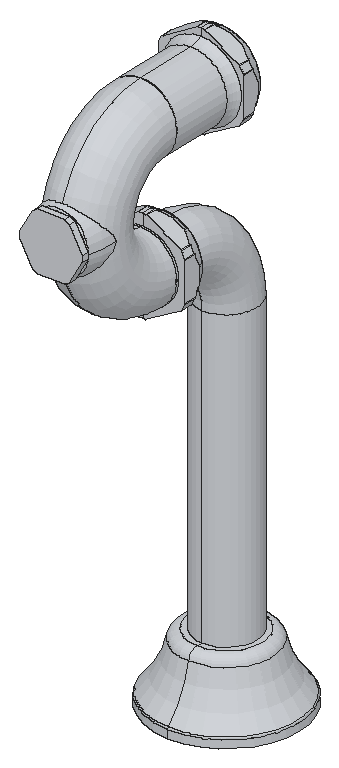
Revit family "Plumbing-Pipes-KOHLER-P_Trap-K-8998", category Plumbing Fixtures, host Face, Revit 2015
Parameters (values of type "CP-Polished Chrome")
  Width = 3"  # constant formula
  Waste Water Outlet = "Waste Water Outlet"  # constant formula
  Waste Connection = 1 = 1  # yes
  Vent Connection = 1 = 0  # no
  URL = "https://www.us.kohler.com/us/"
  Product Page URL = "http://www.us.kohler.com/us/catalog/productDetails.jsp?productNumber=8998"
  Product Name = "P-Trap"  # constant formula
  Product Documentation Link = "https://www.us.kohler.com/webassets/kpna/catalog/pdf/en/K-8998_spec.pdf"
  Pressure = 0.00 psi
  Model = "K-8998-CP"  # constant formula
  Material = "Cast Brass Construction\r"  # constant formula
  MasterFormat 2004 = "22.11.00"  # constant formula
  MasterFormat 1995 = "154300"  # constant formula
  Manufacturer Address = "444 Highland Dr, Kohler, WI 53044"  # constant formula
  Manufacturer = "KOHLER Co."  # constant formula
  Length = 11 3/4"  # constant formula
  Hot Water Inlet = "Hot Water Inlet"  # constant formula
  Height = 4 3/8"  # constant formula
  HW Connection = 1 = 0  # no
  Flow Rate = 0 GPM
  Finish = Kohler-Metal-CP-Polished_Chrome
  Environmental Product Declaration = ""
  Description = "Adjustable P-trap with tubing outlet, 1-1/4 inch x 1-1/4 inch"  # constant formula
  Default Elevation = 30"
  Declare Label = ""
  Date Modified = "01/22/2019"  # constant formula
  Date Created = "01/22/2019"  # constant formula
  Copyright = "Copyright KOHLER Co."  # constant formula
  Contact Us = "https://www.us.kohler.com/us/static/contact.jsp"
  Cold Water Inlet = "Cold Water Inlet"  # constant formula
  CW Connection = 1 = 0  # no
  Assembly Code = "C1030200"
  ADA Compliant = 1 = 0  # no
  Waste Water Inlet = "Waste Water Inlet"  # constant formula
Reference planes (in)
  plane 1 "Center (Front/Back)": y = 0
  plane 2: z = 0
  plane 3 "Center (Left/Right)": x = 0
  plane 4: x = -1.5
  plane 5: x = 1.5
  plane 6: z = 9
  plane 7: y = -4.49708
  plane 8: y = -0.12208
  plane 9: z = 11.75
Dimensions and locks (in)
  "Width": plane 4 to plane 5
  "Length": plane 9 to plane 2
  locked: plane 9 to plane 6 at 2.75
  "Height": plane 8 to plane 7
  aligned and locked: plane 2 to host face
  aligned and locked: level to host face
Automatic sketch dimensions
  host sketch curve to host sketch curve = 96"  (x2)
Nested families (in)
  nested 1: "K-8998" at (0, 0, 0), type "K-8998"
Connectors (in)
  piping at (0, -0.21896, 11.75), diameter 1.25, driven by "Waste Connection", driven by "Waste Water Inlet"
    settings: on nested 1, index 1, connector inside diameter 24", connector length 0", flow factor 0, pipe flow 0 GPM, pressure drop 0.00 psi, fitting loss kfactor 0, connector angle 0.00°, fixture units 0, engagement length 0", angle of deflection 0.00°, flow configuration 0, flow direction 1, fitting loss method 0, system type 16, joint type 0, gender type 0, connector reference index -1, connector utility 1, adjustable connector no, is connector primary yes, connector description "Waste Water Inlet"
  piping at (0, 0, 0), diameter 1.25, driven by "Waste Connection", driven by "Waste Water Outlet"
    settings: on nested 1, index 2, connector inside diameter 24", connector length 0", flow factor 0, pipe flow 0 GPM, pressure drop 0.00 psi, fitting loss kfactor 0, connector angle 0.00°, fixture units 0, engagement length 0", angle of deflection 0.00°, flow configuration 0, flow direction 2, fitting loss method 0, system type 16, joint type 0, gender type 0, connector reference index -1, connector utility 1, adjustable connector no, is connector primary no, connector description "Waste Water Outlet"
Definition of nested family "K-8998"
  Parameters (values of type "K-8998")
    Material = none
    Length = 11 3/4"
  Reference planes (in)
    plane 1 "Center (Front/Back)": y = 0
    plane 2: z = 0
    plane 3 "Center (Left/Right)": x = 0
    plane 4: x = 1.5
    plane 5: x = -1.5
    plane 6: z = 7.4375
    plane 7: z = 11.75
    plane 8: z = 9
    plane 9: z = 1.375
    plane 10: y = -0.12208
    plane 11: y = -4.49708
    plane 12: y = 1.5
    plane 13: y = -1.5
  Forms (in)
    Revolve 1, solid, material <- "Material", detail levels medium+fine
      sketch origin (0, 0, 0) x (0, 1, 0) y (0, 0, 1)
        loop
          line (0, 1.375) -> (0, 0) -> (1.5, 0) -> (1.5, 0.15847)
          arc (1.5, 0.15847) -> (1.49571, 0.18066) -> (1.48347, 0.19966) r 0.05959
          arc (1.48347, 0.19966) -> (1.15417, 0.66026) -> (0.96773, 1.1949) r 1.99233
          arc (0.96773, 1.1949) -> (0.89069, 1.32418) -> (0.74904, 1.375) r 0.22283
          line (0.74904, 1.375) -> (0, 1.375)
        axis (0, 1.375) -> (0, 0)
      angle from 0 to 360
    Sweep 2, solid, material <- "Material", detail levels medium+fine
      path origin (0, 0.00781, -0.03125) x (0, 1, 0) y (0, 0, 1)
        loop
          line (-0.00781, 1.40625) -> (-0.00781, 7.53125)
          arc (-0.00781, 7.53125) -> (-0.44715, 8.59191) -> (-1.50781, 9.03125) r 1.5
          line (-1.50781, 9.03125) -> (-1.63233, 9.03125)
      profile origin (0, 0, 1.375) x (0, -1, 0) y (1, 0, 0)
        loop
          circle (0, 0) r 0.6266
    Sweep 3, solid, material <- "Material", detail levels medium+fine
      path origin (0, -0.13672, 0) x (0, 1, 0) y (0, 0, 1)
        loop
          arc (-2.06706, 11.75) -> (-3.44206, 10.375) -> (-2.06706, 9) r 1.375
          line (-2.06706, 9) -> (-1.99438, 9)
      profile origin (0, -2.16744, 9) x (0, 0, 1) y (1, 0, 0)
        loop
          circle (0.00101, 0) r 0.73309
    Revolve 4, solid, material <- "Material", detail levels medium+fine
      sketch origin (0, 0, 0) x (0, 1, 0) y (0, 0, 1)
        loop
          line (-2.158, 9) -> (-1.598, 9) -> (-1.598, 9.74493)
          arc (-1.598, 9.74493) -> (-1.60614, 9.7753) -> (-1.62837, 9.79754) r 0.06075
          line (-1.62837, 9.79754) -> (-1.92709, 9.97) -> (-2.158, 9.97) -> (-2.158, 9)
        axis (-1.598, 9) -> (-2.158, 9)
      angle from 0 to 360
    Revolve 5, solid, material <- "Material", detail levels medium+fine
      sketch origin (0, 0, 0) x (0, 1, 0) y (0, 0, 1)
        loop
          line (-0.21896, 12.41367) -> (-0.12208, 12.41367) -> (-0.12208, 12.50923)
          arc (-0.12208, 12.50923) -> (-0.12992, 12.53851) -> (-0.15134, 12.55995) r 0.05859
          line (-0.15134, 12.55995) -> (-0.42802, 12.72) -> (-0.65896, 12.72) -> (-0.65896, 12.57095)
          arc (-0.65896, 12.57095) -> (-0.7745, 12.50505) -> (-0.90553, 12.48207) r 0.38684
          line (-0.90553, 12.48207) -> (-2.20378, 12.48207) -> (-2.20378, 11.75) -> (-0.21896, 11.75) -> (-0.21896, 12.41367)
        axis (-2.20378, 11.75) -> (-0.12208, 11.75)
      angle from 0 to 360
    Extrusion 6, void
      sketch origin (0, 0, 0.25) x (1, 0, 0) y (0, 0, 1)
        loop
          line (0.875, 8.34856) -> (0.875, 9.15144)
          arc (0.875, 9.15144) -> (0.85093, 9.24128) -> (0.78516, 9.30705) r 0.17969
          line (0.78516, 9.30705) -> (0.08984, 9.70849)
          arc (0.08984, 9.70849) -> (0, 9.73257) -> (-0.08984, 9.70849) r 0.17969
          line (-0.08984, 9.70849) -> (-0.78516, 9.30705)
          arc (-0.78516, 9.30705) -> (-0.85093, 9.24128) -> (-0.875, 9.15144) r 0.17969
          line (-0.875, 9.15144) -> (-0.875, 8.34856)
          arc (-0.875, 8.34856) -> (-0.85093, 8.25872) -> (-0.78516, 8.19295) r 0.17969
          line (-0.78516, 8.19295) -> (-0.08984, 7.79151)
          arc (-0.08984, 7.79151) -> (0, 7.76743) -> (0.08984, 7.79151) r 0.17969
          line (0.08984, 7.79151) -> (0.78516, 8.19295)
          arc (0.78516, 8.19295) -> (0.85093, 8.25872) -> (0.875, 8.34856) r 0.17969
        loop
          circle (0, 8.75) r 1.06259
      from 1.483 to 2.40094
    Extrusion 7, void
      sketch origin (0, 0, 0) x (1, 0, 0) y (0, 0, 1)
        loop
          line (0.875, 11.34856) -> (0.875, 12.15144)
          arc (0.875, 12.15144) -> (0.85093, 12.24128) -> (0.78516, 12.30705) r 0.17969
          line (0.78516, 12.30705) -> (0.08986, 12.70848)
          arc (0.08986, 12.70848) -> (0, 12.73256) -> (-0.08986, 12.70848) r 0.17972
          line (-0.08986, 12.70848) -> (-0.78516, 12.30705)
          arc (-0.78516, 12.30705) -> (-0.85093, 12.24128) -> (-0.875, 12.15144) r 0.17969
          line (-0.875, 12.15144) -> (-0.875, 11.34856)
          arc (-0.875, 11.34856) -> (-0.85093, 11.25872) -> (-0.78516, 11.19295) r 0.17969
          line (-0.78516, 11.19295) -> (-0.08984, 10.79151)
          arc (-0.08984, 10.79151) -> (0, 10.76743) -> (0.08984, 10.79151) r 0.17969
          line (0.08984, 10.79151) -> (0.78516, 11.19295)
          arc (0.78516, 11.19295) -> (0.85093, 11.25872) -> (0.875, 11.34856) r 0.17969
        loop
          circle (0, 11.75) r 1.07748
      from 0.21896 to 0.73708
    Sweep 8, solid, material <- "Material", detail levels coarse
      path origin (0, 0, 0) x (0, 1, 0) y (0, 0, 1)
        loop
          line (0, 1.375) -> (0, 7.5)
          arc (0, 7.5) -> (-0.43934, 8.56066) -> (-1.5, 9) r 1.5
          line (-1.5, 9) -> (-2.22897, 9)
          arc (-2.22897, 9) -> (-3.60397, 10.375) -> (-2.22897, 11.75) r 1.375
          line (-2.22897, 11.75) -> (-0.20685, 11.75)
      profile origin (0, 0, 4.4375) x (0, -1, 0) y (1, 0, 0)
        loop
          circle (0, 0) r 0.6266
    Extrusion 9, solid, material <- "Material", detail levels coarse
      sketch origin (0, 0, 0) x (1, 0, 0) y (0, 1, 0)
        loop
          circle (0, 0) r 1.5
      from 0 to 1.375
    Extrusion 10, solid, material <- "Material", detail levels coarse
      sketch origin (0, 0, 0) x (1, 0, 0) y (0, 0, 1)
        loop
          circle (0, 11.75) r 0.97
      from 0.12208 to 0.65896
    Extrusion 11, solid, material <- "Material", detail levels coarse
      sketch origin (0, 0, 0) x (1, 0, 0) y (0, 0, 1)
        loop
          circle (0, 9) r 0.97
      from 1.598 to 2.158
    Extrusion 12, solid, material <- "Material", detail levels coarse
      sketch origin (0, 0, 0) x (1, 0, 0) y (0, 0, 1)
        loop
          circle (0, 10.375) r 0.58488
      from 3.47227 to 4.49708
    Extrusion 13, solid, material <- "Material", detail levels medium+fine
      sketch origin (0, 0, 0) x (1, 0, 0) y (0, 1, 0)
        loop
          circle (0, 0) r 0.75
      from 0 to 0.03494
    Extrusion 14, solid, material <- "Material", detail levels medium+fine
      sketch origin (0, 0, 0.02344) x (1, 0, 0) y (0, 0, 1)
        loop
          line (0.27559, 10.94576) -> (-0.27559, 10.94576)
          arc (-0.27559, 10.94576) -> (-0.32704, 10.91908) -> (-0.37592, 10.88795) r 0.655
          line (-0.37592, 10.88795) -> (-0.65248, 10.40893)
          arc (-0.65248, 10.40893) -> (-0.655, 10.35156) -> (-0.65248, 10.2942) r 0.655
          line (-0.65248, 10.2942) -> (-0.37592, 9.81518)
          arc (-0.37592, 9.81518) -> (-0.32745, 9.78429) -> (-0.27645, 9.75776) r 0.655
          line (-0.27645, 9.75776) -> (0.27645, 9.75776)
          arc (0.27645, 9.75776) -> (0.32745, 9.78429) -> (0.37592, 9.81518) r 0.655
          line (0.37592, 9.81518) -> (0.65248, 10.2942)
          arc (0.65248, 10.2942) -> (0.655, 10.35156) -> (0.65248, 10.40893) r 0.655
          line (0.65248, 10.40893) -> (0.37592, 10.88795)
          arc (0.37592, 10.88795) -> (0.32704, 10.91908) -> (0.27559, 10.94576) r 0.655
      from 4.3763 to 4.49708
    Sweep 15, solid, material <- "Material", detail levels medium+fine
      path origin (0, 0, 0) x (1, 0, 0) y (0, 0, 1)
        loop
          circle (-0.00177, 10.37674) r 0.45075
      profile origin (-0.00177, 0, 10.82748) x (0, 0, -1) y (0, -1, 0)
        loop
          line (0, 4.40547) -> (0, 4.35108) -> (-0.14925, 4.35108)
          arc (-0.14925, 4.35108) -> (-0.16927, 4.34423) -> (-0.1809, 4.32654) r 0.03268
          arc (-0.1809, 4.32654) -> (-0.24722, 3.97863) -> (-0.26921, 3.62514) r 2.80724
          line (-0.26921, 3.62514) -> (0.04799, 3.62514) -> (0.04799, 4.40547) -> (0, 4.40547)
  Cuts and joins
    Extrusion 6 cuts Revolve 4
    joined: Revolve 1, Sweep 2, Sweep 3, Revolve 4, Extrusion 13, Extrusion 14, Sweep 15
    joined: Sweep 8, Extrusion 9, Extrusion 10, Extrusion 11, Extrusion 12
    Extrusion 7 cuts Revolve 5
  Lines and regions (in)
    Masking region 1
      outline origin (0, 0, 0) x (1, 0, 0) y (0, 1, 0)
        loop
          arc (0.73207, -1.30922) -> (0, 1.5) -> (-0.73207, -1.30922) r 1.5
          line (-0.73207, -1.30922) -> (-0.73207, -1.60035)
          arc (-0.73207, -1.60035) -> (-0.76842, -1.60189) -> (-0.79596, -1.62567) r 0.05534
          line (-0.79596, -1.62567) -> (-0.875, -1.76257) -> (-0.875, -2.158) -> (-0.73207, -2.158) -> (-0.73207, -3.55922)
          arc (-0.73207, -3.55922) -> (-0.72919, -3.63915) -> (-0.72057, -3.71865) r 1.11025
          arc (-0.72057, -3.71865) -> (-0.69512, -4.02365) -> (-0.63682, -4.32411) r 2.82452
          arc (-0.63682, -4.32411) -> (-0.62417, -4.34354) -> (-0.60225, -4.35108) r 0.03565
          line (-0.60225, -4.35108) -> (-0.45252, -4.35108) -> (-0.45252, -4.38216) -> (-0.655, -4.38216) -> (-0.655, -4.49708) -> (0.655, -4.49708) -> (0.655, -4.38216) -> (0.45252, -4.38216) -> (0.45252, -4.35108) -> (0.60225, -4.35108)
          arc (0.60225, -4.35108) -> (0.62417, -4.34354) -> (0.63682, -4.32411) r 0.03565
          arc (0.63682, -4.32411) -> (0.69512, -4.02365) -> (0.72057, -3.71865) r 2.82452
          arc (0.72057, -3.71865) -> (0.72919, -3.63915) -> (0.73207, -3.55922) r 1.11025
          line (0.73207, -3.55922) -> (0.73207, -2.158) -> (0.875, -2.158) -> (0.875, -1.76257) -> (0.79596, -1.62567)
          arc (0.79596, -1.62567) -> (0.76842, -1.60189) -> (0.73207, -1.60035) r 0.05534
          line (0.73207, -1.60035) -> (0.73207, -1.30922)
    Masking region 2
      outline origin (0, 0, 0) x (1, 0, 0) y (0, 0, 1)
        loop
          line (0.74904, 1.375) -> (0.6266, 1.375) -> (0.6266, 8.3514) -> (0.80007, 8.45156)
          arc (0.80007, 8.45156) -> (0.84004, 8.515) -> (0.875, 8.58134) r 0.97
          line (0.875, 8.58134) -> (0.875, 9.41866)
          arc (0.875, 9.41866) -> (0.84004, 9.485) -> (0.80007, 9.54844) r 0.97
          line (0.80007, 9.54844) -> (0.73309, 9.58712) -> (0.73309, 11.16288) -> (0.8002, 11.20163)
          arc (0.8002, 11.20163) -> (0.83918, 11.2655) -> (0.875, 11.33119) r 1.5361
          line (0.875, 11.33119) -> (0.875, 12.16838)
          arc (0.875, 12.16838) -> (0.84142, 12.23579) -> (0.79983, 12.29858) r 0.61304
          line (0.79983, 12.29858) -> (0.08985, 12.70849)
          arc (0.08985, 12.70849) -> (0, 12.72) -> (-0.08985, 12.70849) r 0.35636
          line (-0.08985, 12.70849) -> (-0.79983, 12.29858)
          arc (-0.79983, 12.29858) -> (-0.84142, 12.23579) -> (-0.875, 12.16838) r 0.61304
          line (-0.875, 12.16838) -> (-0.875, 11.33119)
          arc (-0.875, 11.33119) -> (-0.83918, 11.2655) -> (-0.8002, 11.20163) r 1.5361
          line (-0.8002, 11.20163) -> (-0.73309, 11.16288) -> (-0.73309, 9.58712) -> (-0.80007, 9.54844)
          arc (-0.80007, 9.54844) -> (-0.84004, 9.485) -> (-0.875, 9.41866) r 0.97
          line (-0.875, 9.41866) -> (-0.875, 8.58134)
          arc (-0.875, 8.58134) -> (-0.84004, 8.515) -> (-0.80007, 8.45156) r 0.97
          line (-0.80007, 8.45156) -> (-0.6266, 8.3514) -> (-0.6266, 1.375) -> (-0.74904, 1.375)
          arc (-0.74904, 1.375) -> (-0.89069, 1.32418) -> (-0.96773, 1.1949) r 0.22283
          arc (-0.96773, 1.1949) -> (-1.15417, 0.66026) -> (-1.48347, 0.19966) r 1.99233
          arc (-1.48347, 0.19966) -> (-1.49571, 0.18066) -> (-1.5, 0.15847) r 0.05959
          line (-1.5, 0.15847) -> (-1.5, 0) -> (1.5, 0) -> (1.5, 0.15847)
          arc (1.5, 0.15847) -> (1.49571, 0.18066) -> (1.48347, 0.19966) r 0.05959
          arc (1.48347, 0.19966) -> (1.15417, 0.66026) -> (0.96773, 1.1949) r 1.99233
          arc (0.96773, 1.1949) -> (0.89069, 1.32418) -> (0.74904, 1.375) r 0.22283
    Masking region 3
      outline origin (0, 0, 0) x (0, 1, 0) y (0, 0, 1)
        loop
          arc (-0.74904, 1.375) -> (-0.89069, 1.32418) -> (-0.96773, 1.1949) r 0.22283
          arc (-0.96773, 1.1949) -> (-1.15417, 0.66026) -> (-1.48347, 0.19966) r 1.99233
          arc (-1.48347, 0.19966) -> (-1.49571, 0.18066) -> (-1.5, 0.15847) r 0.05959
          line (-1.5, 0.15847) -> (-1.5, 0) -> (1.5, 0) -> (1.5, 0.15847)
          arc (1.5, 0.15847) -> (1.49571, 0.18066) -> (1.48347, 0.19966) r 0.05959
          arc (1.48347, 0.19966) -> (1.15417, 0.66026) -> (0.96773, 1.1949) r 1.99233
          arc (0.96773, 1.1949) -> (0.89069, 1.32418) -> (0.74904, 1.375) r 0.22283
          line (0.74904, 1.375) -> (0.6266, 1.375) -> (0.6266, 7.50276)
          arc (0.6266, 7.50276) -> (0.00454, 9.00454) -> (-1.49724, 9.6266) r 2.12384
          line (-1.49724, 9.6266) -> (-1.598, 9.6266) -> (-1.598, 9.74493)
          arc (-1.598, 9.74493) -> (-1.60614, 9.7753) -> (-1.62837, 9.79754) r 0.06075
          line (-1.62837, 9.79754) -> (-1.92709, 9.97) -> (-2.158, 9.97) -> (-2.158, 9.7341) -> (-2.20405, 9.7341)
          arc (-2.20405, 9.7341) -> (-2.84597, 10.37601) -> (-2.20405, 11.01793) r 0.64191
          line (-2.20405, 11.01793) -> (-0.90553, 11.01781)
          arc (-0.90553, 11.01781) -> (-0.7745, 10.99495) -> (-0.65896, 10.92905) r 0.38684
          line (-0.65896, 10.92905) -> (-0.65896, 10.78) -> (-0.42802, 10.78) -> (-0.15134, 10.94005)
          arc (-0.15134, 10.94005) -> (-0.12992, 10.96149) -> (-0.12208, 10.99077) r 0.05859
          line (-0.12208, 10.99077) -> (-0.12208, 12.50923)
          arc (-0.12208, 12.50923) -> (-0.12992, 12.53851) -> (-0.15134, 12.55995) r 0.05859
          line (-0.15134, 12.55995) -> (-0.42802, 12.72) -> (-0.65896, 12.72) -> (-0.65896, 12.57095)
          arc (-0.65896, 12.57095) -> (-0.7745, 12.50505) -> (-0.90553, 12.48207) r 0.38684
          line (-0.90553, 12.48207) -> (-2.20396, 12.48207)
          arc (-2.20396, 12.48207) -> (-3.4385, 12.08254) -> (-4.20485, 11.03545) r 2.10707
          arc (-4.20485, 11.03545) -> (-4.26731, 11.02271) -> (-4.32909, 11.00707) r 1.36116
          arc (-4.32909, 11.00707) -> (-4.34496, 10.9963) -> (-4.35108, 10.97812) r 0.03005
          line (-4.35108, 10.97812) -> (-4.35108, 10.82748) -> (-4.38216, 10.82748) -> (-4.38216, 10.9692) -> (-4.49708, 10.9692) -> (-4.49708, 9.7812) -> (-4.38216, 9.7812) -> (-4.38216, 9.92292) -> (-4.35108, 9.92292) -> (-4.35108, 9.77479)
          arc (-4.35108, 9.77479) -> (-4.34496, 9.75661) -> (-4.32909, 9.74584) r 0.03005
          arc (-4.32909, 9.74584) -> (-4.26781, 9.73031) -> (-4.20587, 9.71765) r 1.36116
          arc (-4.20587, 9.71765) -> (-3.43982, 8.66842) -> (-2.20396, 8.26793) r 2.10707
          line (-2.20396, 8.26793) -> (-2.158, 8.26793) -> (-2.158, 8.03) -> (-1.92709, 8.03) -> (-1.62837, 8.20246)
          arc (-1.62837, 8.20246) -> (-1.60614, 8.2247) -> (-1.598, 8.25507) r 0.06075
          line (-1.598, 8.25507) -> (-1.598, 8.3734) -> (-1.50401, 8.3734)
          arc (-1.50401, 8.3734) -> (-0.88359, 8.11641) -> (-0.6266, 7.49599) r 0.87741
          line (-0.6266, 7.49599) -> (-0.6266, 1.375) -> (-0.74904, 1.375)
    symbolic lines, detail levels medium+fine
      curve 1: arc (0.6266, 0, 0) -> (0, 0.6266, 0) -> (-0.6266, 0, 0) r 0.6266
      curve 2: line (-0.875, -0.65896, 0) -> (-0.875, -0.26389, 0)
      curve 3: line (-0.875, -0.65896, 0) -> (0.875, -0.65896, 0)
      curve 4: line (-0.875, -0.42802, 0) -> (-0.80144, -0.42802, 0)
      curve 5: line (-0.80144, -0.65896, 0) -> (-0.80144, -0.42802, 0)
      curve 6: spline (-0.80144, -0.43213, 0) -> (-0.74976, -0.38326, 0) -> (-0.69321, -0.34222, 0) -> (-0.63267, -0.30964, 0) -> (-0.56908, -0.28603, 0) -> (-0.50344, -0.27176, 0) -> (-0.43677, -0.26705, 0) -> (-0.37011, -0.27198, 0) -> (-0.3045, -0.28646, 0) -> (-0.24097, -0.31028, 0) -> (-0.18051, -0.34306, 0) -> (-0.12406, -0.38429, 0) -> (-0.0725, -0.43332, 0)
      curve 7: line (-0.0725, -0.42802, 0) -> (0.0725, -0.42802, 0)
      curve 8: spline (0.0725, -0.43327, 0) -> (0.12406, -0.38424, 0) -> (0.18052, -0.34302, 0) -> (0.24099, -0.31025, 0) -> (0.30452, -0.28644, 0) -> (0.37013, -0.27197, 0) -> (0.43679, -0.26705, 0) -> (0.50346, -0.27177, 0) -> (0.5691, -0.28605, 0) -> (0.63268, -0.30967, 0) -> (0.69322, -0.34226, 0) -> (0.74977, -0.38331, 0) -> (0.80144, -0.43218, 0)
      curve 9: line (0.80144, -0.42802, 0) -> (0.80144, -0.65896, 0)
      curve 10: line (0.80144, -0.42802, 0) -> (0.875, -0.42802, 0)
      curve 11: line (0.875, -0.26389, 0) -> (0.875, -0.65896, 0)
      curve 12: line (-0.76031, -0.12208, 0) -> (0.76031, -0.12208, 0)
      curve 13: line (-0.875, -0.26389, 0) -> (-0.80953, -0.1505, 0)
      curve 14: arc (-0.80953, -0.1505, 0) -> (-0.78873, -0.1297, 0) -> (-0.76031, -0.12208, 0) r 0.05684
      curve 15: line (-0.0725, -0.42802, 0) -> (-0.0725, -0.65896, 0)
      curve 16: line (0.0725, -0.65896, 0) -> (0.0725, -0.42802, 0)
      curve 17: line (-0.73207, -1.30922, 0) -> (-0.73207, -0.89263, 0)
      curve 18: arc (-0.73207, -0.89263, 0) -> (-0.75498, -0.76767, 0) -> (-0.82071, -0.65896, 0) r 0.35233
      curve 19: line (-0.87395, -1.92709, 0) -> (-0.80144, -1.92709, 0)
      curve 20: line (-0.80144, -2.158, 0) -> (-0.80144, -1.92709, 0)
      curve 21: spline (-0.80144, -1.93122, 0) -> (-0.79602, -1.92546, 0) -> (-0.79052, -1.9198, 0) -> (-0.78496, -1.91422, 0) -> (-0.77934, -1.90872, 0) -> (-0.77364, -1.90332, 0) -> (-0.76789, -1.89801, 0) -> (-0.76207, -1.8928, 0) -> (-0.75619, -1.88767, 0) -> (-0.75025, -1.88264, 0) -> (-0.74425, -1.87771, 0) -> (-0.73819, -1.87287, 0) -> (-0.73207, -1.86813, 0)
      curve 22: spline (0.73207, -1.86817, 0) -> (0.73819, -1.87291, 0) -> (0.74425, -1.87775, 0) -> (0.75025, -1.88269, 0) -> (0.75619, -1.88772, 0) -> (0.76207, -1.89285, 0) -> (0.76789, -1.89806, 0) -> (0.77364, -1.90337, 0) -> (0.77934, -1.90878, 0) -> (0.78496, -1.91427, 0) -> (0.79052, -1.91985, 0) -> (0.79602, -1.92552, 0) -> (0.80144, -1.93128, 0)
      curve 23: line (0.80144, -1.92709, 0) -> (0.80144, -2.158, 0)
      curve 24: line (0.80144, -1.92709, 0) -> (0.87395, -1.92709, 0)
      curve 25: arc (-0.7198, -3.72818, 0) -> (-0.00017, -4.31191, 0) -> (0.71973, -3.72851, 0) r 0.73566
      curve 26: line (-0.73207, -1.60035, 0) -> (-0.73207, -2.158, 0)
      curve 27: line (-0.37592, -4.38216, 0) -> (-0.37592, -4.49708, 0)
      curve 28: line (-0.27559, -4.49708, 0) -> (-0.27559, -4.38216, 0)
      curve 29: line (0.27559, -4.38216, 0) -> (0.27559, -4.49708, 0)
      curve 30: line (0.37592, -4.38216, 0) -> (0.37592, -4.49708, 0)
      curve 31: line (-0.45252, -4.38216, 0) -> (0.45252, -4.38216, 0)
      curve 32: line (0.45252, -4.35108, 0) -> (-0.45252, -4.35108, 0)
      curve 33: line (0.875, -0.26389, 0) -> (0.80953, -0.1505, 0)
      curve 34: arc (0.80953, -0.1505, 0) -> (0.78873, -0.1297, 0) -> (0.76031, -0.12208, 0) r 0.05684
      curve 35: line (-0.6266, 0, 0) -> (-0.6266, -0.12208, 0)
      curve 36: line (0.6266, 0, 0) -> (0.6266, -0.12208, 0)
      curve 37: arc (0.66484, -0.12208, 0) -> (0, 0.67596, 0) -> (-0.66484, -0.12208, 0) r 0.67596
      curve 38: line (0.73207, -1.30922, 0) -> (0.73207, -0.89263, 0)
      curve 39: arc (0.73207, -0.89263, 0) -> (0.75498, -0.76767, 0) -> (0.82071, -0.65896, 0) r 0.35233
      curve 40: line (0.73207, -1.60035, 0) -> (0.73207, -2.158, 0)
      curve 41: line (-0.80953, -0.1505, 0) -> (0.80953, -0.1505, 0)
      curve 42: line (-0.79596, -1.62567, 0) -> (-0.73207, -1.62567, 0)
      curve 43: line (0.79596, -1.62567, 0) -> (0.73207, -1.62567, 0)
      curve 44: line (0.78516, 0, 11.19295) -> (0.08984, 0, 10.79151)
      curve 45: line (-0.08984, 0, 10.79151) -> (-0.78516, 0, 11.19295)
      curve 46: arc (0.08984, 0, 10.79151) -> (0, 0, 10.78) -> (-0.08984, 0, 10.79151) r 0.35643
      curve 47: circle (0, 0, 11.75) r 0.66367 normal (0, -1, 0)
      curve 48: circle (0, 0, 11.75) r 0.73207 normal (0, -1, 0)
      curve 49: line (0.08984, 0, 9.95849) -> (0.78516, 0, 9.55705)
      curve 50: line (-0.78516, 0, 9.55705) -> (-0.08984, 0, 9.95849)
      curve 51: arc (0.08984, 0, 9.95849) -> (0, 0, 9.97) -> (-0.08984, 0, 9.95849) r 0.35645
      curve 52: arc (0.6266, 0, 9) -> (0, 0, 9.6266) -> (-0.6266, 0, 9) r 0.6266
      curve 53: line (0.6266, 0, 1.375) -> (-0.6266, 0, 1.375)
      curve 54: line (0, 0.6266, 1.375) -> (0, -0.6266, 1.375)
      curve 55: line (0, -1.598, 9.6266) -> (0, -1.598, 8.3734)
      curve 56: line (0, -2.158, 9.7341) -> (0, -2.158, 8.26793)
      curve 57: spline (0, -1.93349, 9.54644) -> (0, -1.88422, 9.57612) -> (0, -1.84275, 9.60865) -> (0, -1.80972, 9.64352) -> (0, -1.78567, 9.68017) -> (0, -1.77096, 9.71804) -> (0, -1.76583, 9.75653) -> (0, -1.77035, 9.79504) -> (0, -1.78446, 9.83297) -> (0, -1.80793, 9.86972) -> (0, -1.84039, 9.90471) -> (0, -1.88135, 9.93741) -> (0, -1.93015, 9.96729)
      curve 58: line (0, -2.158, 9.54644) -> (0, -1.92709, 9.54644)
      curve 59: line (0, -1.92709, 9.42085) -> (0, -1.92709, 9.54644)
      curve 60: line (0, -1.92709, 9.42085) -> (0, -2.158, 9.42085)
      curve 61: arc (0, -1.93178, 8.57915) -> (0, -1.76582, 9.00001) -> (0, -1.93184, 9.42085) r 0.61651
      curve 62: line (0, -2.158, 8.57915) -> (0, -1.92709, 8.57915)
      curve 63: line (0, -1.92709, 8.45356) -> (0, -2.158, 8.45356)
      curve 64: line (0, -1.92709, 8.45356) -> (0, -1.92709, 8.57915)
      curve 65: spline (0, -1.93009, 8.03271) -> (0, -1.8813, 8.0626) -> (0, -1.84035, 8.09529) -> (0, -1.8079, 8.13029) -> (0, -1.78444, 8.16704) -> (0, -1.77034, 8.20497) -> (0, -1.76583, 8.24348) -> (0, -1.77097, 8.28197) -> (0, -1.78569, 8.31984) -> (0, -1.80976, 8.35649) -> (0, -1.84279, 8.39135) -> (0, -1.88427, 8.42388) -> (0, -1.93355, 8.45356)
      curve 66: spline (0, -0.43439, 12.29644) -> (0, -0.38521, 12.32614) -> (0, -0.34382, 12.35868) -> (0, -0.31086, 12.39355) -> (0, -0.28686, 12.4302) -> (0, -0.27218, 12.46805) -> (0, -0.26705, 12.50653) -> (0, -0.27157, 12.54503) -> (0, -0.28565, 12.58295) -> (0, -0.30907, 12.61969) -> (0, -0.34147, 12.65469) -> (0, -0.38235, 12.68739) -> (0, -0.43106, 12.71729)
      curve 67: line (0, -0.42802, 12.17085) -> (0, -0.42802, 12.29644)
      curve 68: line (0, -0.65896, 12.29644) -> (0, -0.42802, 12.29644)
      curve 69: line (0, -0.42802, 12.17085) -> (0, -0.65896, 12.17085)
      curve 70: arc (0, -0.43269, 11.32915) -> (0, -0.26705, 11.75001) -> (0, -0.43275, 12.17085) r 0.61738
      curve 71: line (0, -0.42802, 11.20356) -> (0, -0.42802, 11.32915)
      curve 72: line (0, -0.65896, 11.32915) -> (0, -0.42802, 11.32915)
      curve 73: line (0, -0.42802, 11.20356) -> (0, -0.65896, 11.20356)
      curve 74: spline (0, -0.431, 10.78271) -> (0, -0.3823, 10.81262) -> (0, -0.34143, 10.84532) -> (0, -0.30904, 10.88032) -> (0, -0.28562, 10.91706) -> (0, -0.27156, 10.95498) -> (0, -0.26706, 10.99348) -> (0, -0.27219, 11.03196) -> (0, -0.28688, 11.06981) -> (0, -0.31089, 11.10646) -> (0, -0.34386, 11.14133) -> (0, -0.38526, 11.17386) -> (0, -0.43445, 11.20356)
      curve 75: line (0, -4.38216, 10.82748) -> (0, -4.38216, 9.92292)
      curve 76: line (0, -4.35108, 9.92292) -> (0, -4.35108, 10.82748)
      curve 77: line (0, -4.38216, 10.91138) -> (0, -4.49708, 10.91138)
      curve 78: line (0, -4.38216, 10.43237) -> (0, -4.49708, 10.43237)
      curve 79: line (0, -4.38216, 10.31763) -> (0, -4.49708, 10.31763)
      curve 80: line (0, -4.38216, 9.83862) -> (0, -4.49708, 9.83862)
      curve 81: line (0, -0.65896, 12.57095) -> (0, -0.65896, 10.92905)
      curve 82: line (0, -1.93015, 9.96729) -> (0, -2.158, 9.96729)
      curve 83: line (0, -2.158, 8.03271) -> (0, -1.93009, 8.03271)
      curve 84: line (0, -0.65896, 10.78271) -> (0, -0.431, 10.78271)
      curve 85: line (0, -0.43106, 12.71729) -> (0, -0.65896, 12.71729)
      curve 86: line (0.6266, 0, 8.3514) -> (0.6266, 0, 9)
      curve 87: line (-0.6266, 0, 8.3514) -> (-0.6266, 0, 9)
      curve 88: arc (0.6266, 0, 8.74461) -> (0, 0, 9.67665) -> (-0.6266, 0, 8.74461) r 0.67665
      curve 89: line (0, -4.20418, 11.03692) -> (0, -3.80147, 10.6342)
      curve 90: line (0, -4.20541, 9.71682) -> (0, -3.85186, 10.07037)
      curve 91: line (1.48347, 0, 0.19966) -> (-1.48347, 0, 0.19966)
      curve 92: line (0, 1.48347, 0.19966) -> (0, -1.48347, 0.19966)
      curve 93: arc (0.73207, -1.12295, 0) -> (0, 1.3405, 0) -> (-0.73207, -1.12295, 0) r 1.3405
  Dimensions and locks (in)
    "Length": plane 7 to plane 2
    locked: plane 8 to plane 7 at 2.75
    aligned and locked: plane 2 to level
    aligned and locked: Revolve 5 sketch curve to plane 7
    aligned and locked: cut or joined group of Revolve 1, Sweep 2, Sweep 3, Revolve 4, Extrusion 6, Extrusion 13, Extrusion 14, Sweep 15 to cut or joined group of Revolve 1, Sweep 2, Sweep 3, Revolve 4, Extrusion 6, Extrusion 13, Extrusion 14, Sweep 15
    aligned and locked: Sweep 15 to Sweep 15
    aligned and locked: plane 8 to Revolve 4 sketch curve
    aligned and locked: Sweep 2 sketch curve to plane 8
    aligned and locked: Revolve 1 sketch curve to plane 9
    aligned and locked: plane 9 to Sweep 2 sketch curve
    aligned and locked: cut or joined group of Revolve 1, Sweep 2, Sweep 3, Revolve 4, Extrusion 6, Extrusion 13, Extrusion 14, Sweep 15 to Masking region 2 sketch curve  (x3)
    aligned and locked: Masking region 2 sketch curve to cut or joined group of Revolve 5, Extrusion 7  (x5)
    aligned and locked: cut or joined group of Revolve 5, Extrusion 7 to Masking region 2 sketch curve
    aligned and locked: Masking region 2 sketch curve to cut or joined group of Revolve 1, Sweep 2, Sweep 3, Revolve 4, Extrusion 6, Extrusion 13, Extrusion 14, Sweep 15  (x4)
    aligned and locked: curve 44 to cut or joined group of Revolve 5, Extrusion 7
    aligned and locked: curve 45 to cut or joined group of Revolve 5, Extrusion 7
    aligned and locked: curve 49 to cut or joined group of Revolve 1, Sweep 2, Sweep 3, Revolve 4, Extrusion 6, Extrusion 13, Extrusion 14, Sweep 15
    aligned and locked: curve 50 to cut or joined group of Revolve 1, Sweep 2, Sweep 3, Revolve 4, Extrusion 6, Extrusion 13, Extrusion 14, Sweep 15
    aligned and locked: Masking region 3 sketch curve to plane 9
    aligned and locked: Masking region 3 sketch curve to cut or joined group of Revolve 1, Sweep 2, Sweep 3, Revolve 4, Extrusion 6, Extrusion 13, Extrusion 14, Sweep 15
  Automatic sketch dimensions
    Revolve 1 sketch curve to plane 1 "Center (Front/Back)" = 0"  (x2)
    Revolve 1 sketch curve to level = 0"  (x2)
    Revolve 1 sketch curve to Revolve 1 sketch curve = 0.74904"
    level to Revolve 1 sketch curve = 0.15847"
    Revolve 1 sketch curve to Revolve 1 sketch curve = 0.69137"
    Revolve 1 sketch curve to Revolve 1 sketch curve = 0.05959"
    Revolve 1 sketch curve to plane 9 = 0.20193"
    Revolve 1 sketch curve to Revolve 1 sketch curve = 1.42309"
    Revolve 1 sketch curve to Revolve 1 sketch curve = 0.22283"
    Revolve 1 sketch curve to Revolve 1 sketch curve = 0"
    Revolve 1 sketch curve to Revolve 1 sketch curve = 0.13482"
    Sweep 2 sketch curve to plane 1 "Center (Front/Back)" = 0"
    plane 1 "Center (Front/Back)" to Sweep 2 sketch curve = 1 1/2"
    Sweep 2 sketch curve to Sweep 2 sketch curve = 0.12451"
    Sweep 2 sketch curve to plane 3 "Center (Left/Right)" = 0"
    Sweep 2 sketch curve to profile plane = 0"
    plane 7 to Sweep 3 sketch curve = 0"
    Sweep 3 sketch curve to plane 8 = 0"
    plane 1 "Center (Front/Back)" to Sweep 3 sketch curve = 2.20378"
    Sweep 3 sketch curve to Sweep 3 sketch curve = 0.07268"
    Sweep 3 sketch curve to plane 3 "Center (Left/Right)" = 0"
    Sweep 3 sketch curve to profile plane = 0.00101"
    Revolve 4 sketch curve to plane 8 = 0"
    plane 8 to Revolve 4 sketch curve = 0.97"
    plane 1 "Center (Front/Back)" to Revolve 4 sketch curve = 2.158"
    Revolve 4 sketch curve to Revolve 4 sketch curve = 0.23091"
    Revolve 4 sketch curve to Revolve 4 sketch curve = 0.26834"
    plane 8 to Revolve 4 sketch curve = 0.79754"
    Revolve 4 sketch curve to Revolve 4 sketch curve = 0.03037"
    Revolve 4 sketch curve to Revolve 4 sketch curve = 0.56"
    Revolve 4 sketch curve to Revolve 4 sketch curve = 0.17494"
    Revolve 4 sketch curve to Revolve 4 sketch curve = 0"
    plane 7 to Revolve 5 sketch curve = 0"
    Revolve 5 sketch curve to plane 7 = 0.73207"
    plane 1 "Center (Front/Back)" to Revolve 5 sketch curve = 2.20378"
    plane 1 "Center (Front/Back)" to Revolve 5 sketch curve = 0.90553"
    Revolve 5 sketch curve to Revolve 5 sketch curve = 0.24657"
    Revolve 5 sketch curve to Revolve 5 sketch curve = 0.23094"
    plane 1 "Center (Front/Back)" to Revolve 5 sketch curve = 0.21896"
    Revolve 5 sketch curve to Revolve 5 sketch curve = 0.03828"
    Revolve 5 sketch curve to Revolve 5 sketch curve = 0.02934"
    Revolve 5 sketch curve to Revolve 5 sketch curve = 0.09687"
    Revolve 5 sketch curve to Revolve 5 sketch curve = 0.66367"
    Revolve 5 sketch curve to Revolve 5 sketch curve = 0.09556"
    Revolve 5 sketch curve to Revolve 5 sketch curve = 0.08888"
    Revolve 5 sketch curve to Revolve 5 sketch curve = 0.14905"
    Revolve 5 sketch curve to Revolve 5 sketch curve = 0.14903"
    Revolve 5 sketch curve to Revolve 5 sketch curve = 0"
    Revolve 5 sketch curve to Revolve 5 sketch curve = 0.12"
    Revolve 5 sketch curve to Revolve 5 sketch curve = 0.06114"
    Extrusion 6 sketch curve to plane 3 "Center (Left/Right)" = 0"  (x3)
    Extrusion 6 sketch curve to plane 8 = 0"
    Extrusion 6 sketch curve to plane 3 "Center (Left/Right)" = 23/256"  (x2)
    Extrusion 6 sketch curve to plane 3 "Center (Left/Right)" = 89/128"  (x2)
    Extrusion 6 sketch curve to Extrusion 6 sketch curve = 23/256"  (x6)
    plane 3 "Center (Left/Right)" to Extrusion 6 sketch curve = 23/256"  (x2)
    plane 3 "Center (Left/Right)" to Extrusion 6 sketch curve = 89/128"  (x2)
    Extrusion 6 sketch curve to plane 8 = 0.40144"  (x2)
    Extrusion 6 sketch curve to Extrusion 6 sketch curve = 0.40144"  (x2)
    Extrusion 6 sketch curve to Extrusion 6 sketch curve = 0.15561"  (x2)
    plane 8 to Extrusion 6 sketch curve = 0.40144"  (x2)
    Extrusion 7 sketch curve to plane 3 "Center (Left/Right)" = 0"  (x3)
    Extrusion 7 sketch curve to plane 7 = 0"
    Extrusion 7 sketch curve to plane 3 "Center (Left/Right)" = 23/256"  (x2)
    Extrusion 7 sketch curve to plane 3 "Center (Left/Right)" = 89/128"  (x2)
    Extrusion 7 sketch curve to Extrusion 7 sketch curve = 23/256"  (x6)
    plane 3 "Center (Left/Right)" to Extrusion 7 sketch curve = 23/256"  (x2)
    plane 3 "Center (Left/Right)" to Extrusion 7 sketch curve = 89/128"  (x2)
    plane 7 to Extrusion 7 sketch curve = 0.40144"  (x2)
    Extrusion 7 sketch curve to Extrusion 7 sketch curve = 0.40144"
    Extrusion 7 sketch curve to Extrusion 7 sketch curve = 0.15561"
    Extrusion 7 sketch curve to plane 7 = 0.40144"  (x2)
    Extrusion 7 sketch curve to Extrusion 7 sketch curve = 0.80284"
    Extrusion 7 sketch curve to Extrusion 7 sketch curve = 0.15565"
    Sweep 8 sketch curve to plane 8 = 0"
    plane 7 to Sweep 8 sketch curve = 0"
    Sweep 8 sketch curve to plane 1 "Center (Front/Back)" = 0"
    plane 9 to Sweep 8 sketch curve = 0"
    plane 1 "Center (Front/Back)" to Sweep 8 sketch curve = 1 1/2"
    Sweep 8 sketch curve to Sweep 8 sketch curve = 0.72897"
    plane 1 "Center (Front/Back)" to Sweep 8 sketch curve = 0.20685"
    Sweep 8 sketch curve to plane 3 "Center (Left/Right)" = 0"
    Sweep 8 sketch curve to profile plane = 0"
    plane 1 "Center (Front/Back)" to Extrusion 9 sketch curve = 0"
    Extrusion 9 sketch curve to plane 3 "Center (Left/Right)" = 0"
    Extrusion 10 sketch curve to plane 3 "Center (Left/Right)" = 0"
    Extrusion 10 sketch curve to plane 7 = 0"
    Extrusion 11 sketch curve to plane 3 "Center (Left/Right)" = 0"
    Extrusion 11 sketch curve to plane 8 = 0"
    plane 1 "Center (Front/Back)" to Extrusion 13 sketch curve = 0"
    Extrusion 13 sketch curve to plane 3 "Center (Left/Right)" = 0"
    Extrusion 14 sketch curve to Extrusion 14 sketch curve = 0"  (x32)
    Extrusion 14 sketch curve to plane 3 "Center (Left/Right)" = 0"
    Extrusion 14 sketch curve to plane 3 "Center (Left/Right)" = 0.27559"
    Extrusion 14 sketch curve to plane 3 "Center (Left/Right)" = 0.27645"
    Extrusion 14 sketch curve to Extrusion 14 sketch curve = 0.09947"  (x2)
    Extrusion 14 sketch curve to Extrusion 14 sketch curve = 0.10033"  (x2)
    Extrusion 14 sketch curve to Extrusion 14 sketch curve = 0.27656"  (x2)
    plane 3 "Center (Left/Right)" to Extrusion 14 sketch curve = 0.27559"
    plane 3 "Center (Left/Right)" to Extrusion 14 sketch curve = 0.27645"
    plane 8 to Extrusion 14 sketch curve = 0.7812"
    Extrusion 14 sketch curve to Extrusion 14 sketch curve = 0.05742"
    Extrusion 14 sketch curve to Extrusion 14 sketch curve = 0.47902"  (x3)
    Sweep 15 sketch curve to plane 3 "Center (Left/Right)" = 0.00177"
    plane 7 to Sweep 15 sketch curve = 1.37326"
    Sweep 15 sketch curve to profile plane = 0"
    profile plane to Sweep 15 sketch curve = 0.14925"
    profile plane to Sweep 15 sketch curve = 0.26921"
    Sweep 15 sketch curve to profile plane = 0.04799"
    Sweep 15 sketch curve to Sweep 15 sketch curve = 2.49004"
    plane 1 "Center (Front/Back)" to Sweep 15 sketch curve = 3.62514"
    Sweep 15 sketch curve to Sweep 15 sketch curve = 0.00279"
    Sweep 15 sketch curve to Sweep 15 sketch curve = 0.69327"
    Sweep 15 sketch curve to Sweep 15 sketch curve = 0.03268"
    Sweep 15 sketch curve to Sweep 15 sketch curve = 0.05438"
    Masking region 1 sketch curve to plane 11 = 0"
    plane 1 "Center (Front/Back)" to Masking region 1 sketch curve = 0"
    Masking region 1 sketch curve to plane 3 "Center (Left/Right)" = 0"
    Masking region 1 sketch curve to plane 3 "Center (Left/Right)" = 0.37817"
    plane 11 to Masking region 1 sketch curve = 0.11492"  (x2)
    Masking region 1 sketch curve to plane 3 "Center (Left/Right)" = 0.45252"
    Masking region 1 sketch curve to Masking region 1 sketch curve = 0.14972"  (x2)
    Masking region 1 sketch curve to Masking region 1 sketch curve = 0.05275"  (x2)
    Masking region 1 sketch curve to plane 13 = 0.10035"  (x2)
    Masking region 1 sketch curve to Masking region 1 sketch curve = 0"  (x5)
    Masking region 1 sketch curve to Masking region 1 sketch curve = 0.01596"  (x2)
    Masking region 1 sketch curve to plane 13 = 0.12567"  (x2)
    Masking region 1 sketch curve to Masking region 1 sketch curve = 0.04793"  (x2)
    Masking region 1 sketch curve to Masking region 1 sketch curve = 0.14293"  (x2)
    Masking region 1 sketch curve to plane 5 = 0.60277"
    plane 3 "Center (Left/Right)" to Masking region 1 sketch curve = 0.37817"
    plane 3 "Center (Left/Right)" to Masking region 1 sketch curve = 0.45252"
    Masking region 1 sketch curve to Masking region 1 sketch curve = 0.3539"
    Masking region 1 sketch curve to plane 4 = 0.60277"
    Masking region 1 sketch curve to Masking region 1 sketch curve = 0.03108"  (x2)
    Masking region 1 sketch curve to Masking region 1 sketch curve = 0.03565"  (x2)
    plane 11 to Masking region 1 sketch curve = 0.86042"  (x2)
    Masking region 1 sketch curve to Masking region 1 sketch curve = 0.75621"
    Masking region 1 sketch curve to Masking region 1 sketch curve = 0.50466"  (x2)
    Masking region 1 sketch curve to Masking region 1 sketch curve = 0.1369"  (x2)
    plane 13 to Masking region 1 sketch curve = 0.19078"  (x2)
    Masking region 2 sketch curve to Masking region 2 sketch curve = 0"  (x8)
    Masking region 2 sketch curve to plane 5 = 0"
    Masking region 2 sketch curve to plane 3 "Center (Left/Right)" = 0"  (x2)
    Masking region 2 sketch curve to level = 0"
    plane 4 to Masking region 2 sketch curve = 0"
    Masking region 2 sketch curve to plane 8 = 0"
    Masking region 2 sketch curve to plane 9 = 0.20193"  (x2)
    Masking region 2 sketch curve to plane 5 = 1.42309"
    Masking region 2 sketch curve to Masking region 2 sketch curve = 0.05959"  (x2)
    Masking region 2 sketch curve to Masking region 2 sketch curve = 0.0748"
    Masking region 2 sketch curve to plane 8 = 0.54844"  (x2)
    plane 8 to Masking region 2 sketch curve = 0.54844"  (x2)
    Masking region 2 sketch curve to Masking region 2 sketch curve = 0.07517"  (x2)
    plane 9 to Masking region 2 sketch curve = 0.22283"
    Masking region 2 sketch curve to plane 3 "Center (Left/Right)" = 0.74904"
    plane 8 to Masking region 2 sketch curve = 0.58712"
    Masking region 2 sketch curve to Masking region 2 sketch curve = 0.17347"
    Masking region 2 sketch curve to Masking region 2 sketch curve = 0.3087"
    Masking region 2 sketch curve to Masking region 2 sketch curve = 0.18062"  (x2)
    Masking region 2 sketch curve to plane 3 "Center (Left/Right)" = 23/256"
    plane 3 "Center (Left/Right)" to Masking region 2 sketch curve = 0.31051"
    Masking region 2 sketch curve to Masking region 2 sketch curve = 0.2484"
    plane 7 to Masking region 2 sketch curve = 0.58712"
    Masking region 2 sketch curve to Masking region 2 sketch curve = 0.12244"
    Masking region 2 sketch curve to Masking region 2 sketch curve = 0.06711"
    Masking region 2 sketch curve to plane 4 = 1.42309"
    level to Masking region 2 sketch curve = 0.15847"  (x2)
    Masking region 2 sketch curve to Masking region 2 sketch curve = 0.22283"
    Masking region 2 sketch curve to Masking region 2 sketch curve = 0.12956"  (x2)
    Masking region 2 sketch curve to plane 7 = 0.17927"  (x2)
    Masking region 2 sketch curve to Masking region 2 sketch curve = 0.34485"
    Masking region 2 sketch curve to plane 9 = 0"
    Masking region 3 sketch curve to Masking region 3 sketch curve = 0"  (x8)
    Masking region 3 sketch curve to plane 11 = 0"
    Masking region 3 sketch curve to level = 0"
    Masking region 3 sketch curve to plane 13 = 0"
    Masking region 3 sketch curve to plane 10 = 0"
    plane 9 to Masking region 3 sketch curve = 0"
    Masking region 3 sketch curve to plane 12 = 0"
    plane 11 to Masking region 3 sketch curve = 0.11492"  (x2)
    Masking region 3 sketch curve to Masking region 3 sketch curve = 0.03005"  (x2)
    Masking region 3 sketch curve to Masking region 3 sketch curve = 0.35686"  (x2)
    Masking region 3 sketch curve to plane 9 = 0.20193"  (x2)
    Masking region 3 sketch curve to plane 13 = 1.42309"
    Masking region 3 sketch curve to Masking region 3 sketch curve = 0.60605"
    Masking region 3 sketch curve to plane 13 = 0.70396"
    Masking region 3 sketch curve to Masking region 3 sketch curve = 0.04605"
    Masking region 3 sketch curve to Masking region 3 sketch curve = 0.04596"
    Masking region 3 sketch curve to Masking region 3 sketch curve = 0.23091"  (x2)
    Masking region 3 sketch curve to Masking region 3 sketch curve = 0.06075"
    Masking region 3 sketch curve to plane 13 = 0.15875"
    Masking region 3 sketch curve to Masking region 3 sketch curve = 0.03037"  (x2)
    Masking region 3 sketch curve to plane 13 = 0.098"
    Masking region 3 sketch curve to plane 13 = 0.00401"
    plane 13 to Masking region 3 sketch curve = 0.00276"
    plane 13 to Masking region 3 sketch curve = 0.05959"
    plane 13 to Masking region 3 sketch curve = 0.59447"  (x2)
    Masking region 3 sketch curve to plane 10 = 0.62695"
    Masking region 3 sketch curve to Masking region 3 sketch curve = 0.24657"  (x2)
    Masking region 3 sketch curve to Masking region 3 sketch curve = 0.12244"  (x2)
    Masking region 3 sketch curve to Masking region 3 sketch curve = 0.23094"  (x2)
    Masking region 3 sketch curve to plane 10 = 15/256"
    Masking region 3 sketch curve to Masking region 3 sketch curve = 15/256"
    Masking region 3 sketch curve to plane 10 = 0.02925"  (x2)
    Masking region 3 sketch curve to plane 1 "Center (Front/Back)" = 0.6266"
    plane 12 to Masking region 3 sketch curve = 0.05959"
    Masking region 3 sketch curve to plane 12 = 1.42309"
    level to Masking region 3 sketch curve = 0.15847"  (x2)
    Masking region 3 sketch curve to Masking region 3 sketch curve = 0.22283"  (x2)
    Masking region 3 sketch curve to plane 8 = 1.50401"
    Masking region 3 sketch curve to Masking region 3 sketch curve = 0.00677"
    Masking region 3 sketch curve to Masking region 3 sketch curve = 0.3434"
    Masking region 3 sketch curve to Masking region 3 sketch curve = 0.17094"
    Masking region 3 sketch curve to Masking region 3 sketch curve = 0.23793"
    plane 8 to Masking region 3 sketch curve = 0.69573"
    Masking region 3 sketch curve to Masking region 3 sketch curve = 0.1075"
    Masking region 3 sketch curve to Masking region 3 sketch curve = 0.11833"
    Masking region 3 sketch curve to Masking region 3 sketch curve = 0.07906"  (x2)
    Masking region 3 sketch curve to Masking region 3 sketch curve = 0.00641"
    Masking region 3 sketch curve to Masking region 3 sketch curve = 0.2359"
    Masking region 3 sketch curve to Masking region 3 sketch curve = 0.405"
    Masking region 3 sketch curve to Masking region 3 sketch curve = 0.00101"
    Masking region 3 sketch curve to Masking region 3 sketch curve = 0.38696"
    Masking region 3 sketch curve to Masking region 3 sketch curve = 0.14903"  (x2)
    Masking region 3 sketch curve to Masking region 3 sketch curve = 0.14905"  (x2)
    Masking region 3 sketch curve to Masking region 3 sketch curve = 0.16005"
    Masking region 3 sketch curve to Masking region 3 sketch curve = 1.188"
    Masking region 3 sketch curve to Masking region 3 sketch curve = 0.00892"
    Masking region 3 sketch curve to plane 7 = 0.73207"
    Masking region 3 sketch curve to Masking region 3 sketch curve = 0.02716"
    Masking region 3 sketch curve to Masking region 3 sketch curve = 0.08888"
    Masking region 3 sketch curve to Masking region 3 sketch curve = 0.03108"  (x2)
    Masking region 3 sketch curve to Masking region 3 sketch curve = 0.14172"
    Masking region 3 sketch curve to Masking region 3 sketch curve = 0.90457"
    Extrusion 12 sketch curve to plane 3 "Center (Left/Right)" = 0"
    plane 7 to Extrusion 12 sketch curve = 1 3/8"
    curve 47 to curve 48 = 0"  (x2)
    curve 52 to curve 88 = 0"  (x2)
    curve 87 to plane 8 = 0"
    curve 53 to plane 9 = 0"
    curve 51 to plane 3 "Center (Left/Right)" = 0"
    curve 46 to plane 3 "Center (Left/Right)" = 0"
    curve 48 to plane 3 "Center (Left/Right)" = 0"
    curve 52 to plane 3 "Center (Left/Right)" = 0"
    curve 48 to plane 7 = 0"
    curve 50 to plane 3 "Center (Left/Right)" = 23/256"
    curve 45 to plane 3 "Center (Left/Right)" = 23/256"
    curve 87 to curve 52 = 0.6266"
    curve 51 to curve 51 = 0.34494"
    curve 46 to curve 46 = 0.34492"
    curve 53 to plane 3 "Center (Left/Right)" = 0.6266"
    plane 7 to curve 45 = 0.55705"
    plane 8 to curve 50 = 0.55705"
    plane 5 to curve 91 = 0.01653"
    plane 3 "Center (Left/Right)" to curve 53 = 0.6266"
    plane 8 to curve 49 = 0.55705"
    plane 7 to curve 44 = 0.55705"
    plane 4 to curve 91 = 0.01653"
    level to curve 91 = 0.19966"
    curve 87 to curve 52 = 0.6486"
    curve 86 to curve 52 = 0.6486"
    curve 88 to curve 52 = 0.25539"
    curve 80 to plane 11 = 0"
    curve 77 to plane 11 = 0"
    curve 79 to plane 11 = 0"
    curve 78 to plane 11 = 0"
    plane 9 to curve 54 = 0"
    curve 61 to plane 8 = 0.00003"
    curve 61 to plane 13 = 0.88233"
    curve 82 to plane 13 = 0.43015"
    curve 83 to plane 13 = 0.43009"
    curve 83 to curve 64 = 0.003"
    curve 57 to curve 59 = 0.00306"
    plane 7 to curve 70 = 0.00003"
    plane 13 to curve 70 = 0.61557"
    curve 85 to plane 10 = 0.30898"
    curve 84 to plane 10 = 0.30892"
    curve 71 to plane 10 = 0.30593"
    curve 69 to plane 10 = 0.30593"
    curve 83 to plane 8 = 0.96729"
    curve 83 to curve 64 = 0.42085"
    curve 63 to curve 64 = 0.12559"
    plane 8 to curve 60 = 0.42085"
    curve 59 to curve 58 = 0.12559"
    curve 58 to curve 82 = 0.42085"
    plane 7 to curve 84 = 0.96729"
    curve 84 to curve 73 = 0.42085"
    curve 71 to curve 72 = 0.12558"
    curve 69 to plane 7 = 0.42085"
    curve 67 to curve 67 = 0.12558"
    curve 67 to curve 85 = 0.42085"
    plane 11 to curve 78 = 0.11492"
    curve 80 to curve 75 = 0"
    curve 77 to curve 75 = 0"
    curve 75 to curve 76 = 0.03108"
    curve 80 to curve 90 = 0.17675"
    curve 77 to curve 89 = 0.17798"
    curve 90 to curve 90 = 0.35355"  (x2)
    curve 90 to curve 89 = 0.05039"
    curve 57 to curve 57 = 0.45218"
    curve 65 to curve 83 = 0.45224"
    curve 83 to curve 65 = 0.22791"
    curve 58 to curve 58 = 0.23091"
    curve 82 to curve 57 = 0.22785"
    curve 65 to curve 63 = 0.00646"
    curve 57 to curve 58 = 0.0064"
    curve 61 to curve 59 = 0.00475"
    curve 61 to curve 62 = 0.00469"
    curve 65 to plane 13 = 0.26582"
    curve 57 to plane 13 = 0.26582"
    curve 55 to plane 13 = 0.098"
    plane 13 to curve 92 = 0.01653"
    curve 74 to curve 84 = 0.45343"
    curve 66 to curve 66 = 0.45336"
    curve 66 to curve 81 = 0.22547"
    curve 85 to curve 81 = 0"
    curve 84 to curve 81 = 0"
    curve 54 to plane 10 = 0.50451"
    curve 74 to curve 71 = 0.00644"
    curve 66 to curve 67 = 0.00638"
    curve 70 to curve 67 = 0.00473"
    curve 70 to curve 71 = 0.00468"
    curve 74 to plane 10 = 0.14497"
    curve 66 to plane 10 = 0.14497"
    curve 54 to plane 1 "Center (Front/Back)" = 0.6266"
    plane 12 to curve 92 = 0.01653"
    level to curve 92 = 0.19966"
    curve 65 to curve 63 = 0.21135"
    curve 56 to curve 63 = 0.18564"
    curve 65 to curve 55 = 0.13119"
    curve 61 to curve 62 = 0"
    curve 55 to curve 57 = 0.13116"
    plane 8 to curve 90 = 0.71682"
    curve 58 to curve 56 = 0.18766"
    curve 90 to curve 80 = 0.1218"
    curve 80 to curve 75 = 0.0843"
    curve 75 to curve 76 = 0"  (x2)
    curve 75 to curve 79 = 0.39472"
    curve 79 to curve 78 = 0.11473"
    curve 90 to curve 89 = 0.56383"
    curve 78 to curve 75 = 0.39512"
    curve 75 to curve 77 = 0.0839"
    curve 84 to curve 81 = 0.14634"
    curve 81 to curve 74 = 0.06316"
    curve 77 to curve 89 = 0.12553"
    curve 70 to curve 71 = 0"
    curve 66 to curve 67 = 0"
    curve 81 to curve 85 = 0.14634"
    curve 1 to curve 37 = 0"  (x2)
    curve 1 to curve 93 = 0"
    curve 37 to curve 93 = 0"
    curve 14 to plane 10 = 0"
    plane 1 "Center (Front/Back)" to curve 35 = 0"
    curve 27 to plane 11 = 0"
    curve 28 to plane 11 = 0"
    curve 1 to plane 3 "Center (Left/Right)" = 0"
    curve 25 to plane 3 "Center (Left/Right)" = 0"
    curve 29 to plane 11 = 0"
    curve 30 to plane 11 = 0"
    curve 7 to plane 3 "Center (Left/Right)" = 0.0725"
    curve 35 to curve 93 = 0.6266"
    curve 17 to curve 15 = 0.65957"
    curve 12 to curve 35 = 0.13372"
    curve 19 to curve 17 = 0.06937"
    curve 4 to curve 14 = 0.04113"
    curve 13 to plane 10 = 0.02842"
    curve 13 to curve 12 = 0.04922"
    curve 13 to plane 10 = 0.14181"
    curve 13 to curve 13 = 0.06547"
    curve 18 to curve 2 = 0.2094"
    plane 3 "Center (Left/Right)" to curve 16 = 0.0725"
    curve 16 to curve 38 = 0.65957"
    curve 34 to plane 10 = 0.05684"
    curve 36 to curve 34 = 0.13372"
    curve 38 to curve 23 = 0.06937"
    curve 34 to curve 9 = 0.04113"
    curve 9 to curve 3 = 0.07356"
    curve 3 to curve 39 = 0.2094"
    plane 11 to curve 25 = 0.92083"
    curve 24 to plane 13 = 0.42709"
    curve 20 to plane 13 = 0.42709"
    plane 13 to curve 38 = 0.60737"
    plane 13 to curve 18 = 0.60737"
    curve 17 to curve 2 = 0.23367"
    curve 16 to curve 7 = 0.23094"
    curve 9 to curve 10 = 0.23094"
    curve 5 to curve 2 = 0.16412"
    curve 33 to curve 33 = 0.11339"
    curve 6 to curve 7 = 0"
    plane 11 to curve 28 = 0.11492"
    curve 28 to plane 3 "Center (Left/Right)" = 0.27559"
    curve 27 to curve 28 = 0.10033"
    curve 20 to curve 21 = 0.36391"
    curve 18 to curve 6 = 0.29455"
    curve 32 to curve 27 = 0.0766"
    curve 31 to curve 32 = 0"
    curve 37 to curve 35 = 0.03825"
    curve 25 to curve 32 = 0.26728"
    curve 20 to curve 26 = 0.06937"
    curve 42 to curve 42 = 0.06389"
    curve 21 to curve 19 = 0"
    curve 6 to curve 4 = 0"
    curve 19 to curve 19 = 0.07251"
    curve 8 to curve 7 = 0"
    plane 3 "Center (Left/Right)" to curve 29 = 0.27559"
    curve 29 to curve 30 = 0.10033"
    curve 22 to curve 23 = 0.36397"
    curve 8 to plane 10 = 0.14497"
    curve 8 to curve 36 = 0.18912"
    curve 30 to curve 31 = 0.0766"
    curve 32 to curve 31 = 0"
    curve 32 to curve 25 = 0.26721"
    curve 43 to plane 13 = 0.12567"
    curve 43 to curve 23 = 0.06937"
    curve 43 to curve 43 = 0.06389"
    curve 22 to curve 23 = 0"
    curve 8 to curve 9 = 0"
    curve 23 to curve 24 = 0.07251"
    curve 31 to curve 32 = 0.03108"
    curve 32 to curve 25 = 0.62257"
    curve 22 to curve 23 = 0.45524"
    curve 21 to curve 19 = 0.45524"
    curve 26 to curve 19 = 0.23091"
    curve 40 to curve 23 = 0.23091"
    curve 20 to curve 26 = 0"
    curve 40 to curve 23 = 0"
    curve 22 to curve 23 = 0.00419"
    curve 21 to curve 19 = 0.00413"
    curve 23 to curve 22 = 0.05892"
    curve 19 to curve 21 = 0.05896"
    curve 42 to plane 13 = 0.12567"
    curve 43 to curve 40 = 0.02532"
    curve 42 to curve 26 = 0.02532"
    plane 13 to curve 38 = 0.19078"
    plane 13 to curve 17 = 0.19078"
    curve 18 to curve 6 = 0.00821"
    curve 38 to curve 8 = 0.00821"
    curve 6 to curve 7 = 0.00531"
    curve 8 to curve 7 = 0.00525"
    curve 6 to curve 4 = 0.00411"
    radius of Sweep 2 sketch curve = 0.6266"
    radius of Sweep 3 sketch curve = 0.73309"
    radius of Extrusion 6 sketch curve = 1.06259"
    radius of Extrusion 7 sketch curve = 1.07748"
    radius of Sweep 8 sketch curve = 0.6266"
    radius of Extrusion 9 sketch curve = 1 1/2"
    radius of Extrusion 10 sketch curve = 0.97"
    radius of Extrusion 11 sketch curve = 0.97"
    radius of Extrusion 13 sketch curve = 3/4"
    radius of Sweep 15 sketch curve = 0.45075"
    radius of Extrusion 12 sketch curve = 0.58488"
    radius of curve 47 = 0.66367"
    radius of curve 48 = 0.73207"
    radius of curve 93 = 1.3405"
